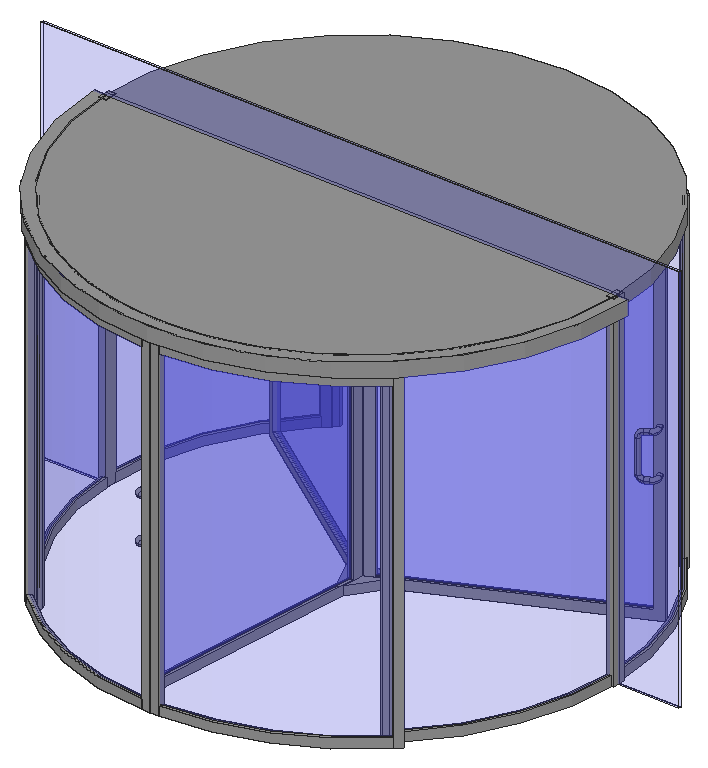
Revit family "Talos RDR-E01", category Türen, Revit 2016 (continued)
Definition of nested family "radar"
  Forms (mm)
    Blend 1, solid
      base sketch origin (0, 0, 0) x (1, 0, 0) y (0, 1, 0)
        loop
          spline (-60.45, 0) -> (-59.155, -6.959) -> (-55.927, -13.157) -> (-51.487, -18.421) -> (-46.303, -22.716) -> (-40.758, -26.39) -> (-35.188, -30.007) -> (-29.772, -33.862) -> (-24.41, -37.889) -> (-19.005, -41.952) -> (-13.271, -45.784) -> (-6.991, -48.733) -> (0, -49.951)
          spline (0, -49.951) -> (6.991, -48.733) -> (13.271, -45.784) -> (19.005, -41.952) -> (24.41, -37.889) -> (29.772, -33.862) -> (35.188, -30.007) -> (40.758, -26.39) -> (46.303, -22.716) -> (51.487, -18.421) -> (55.927, -13.157) -> (59.155, -6.959) -> (60.45, 0)
          line (60.45, 0) -> (-60.45, 0)
      top sketch origin (0, 0, 0) x (1, 0, 0) y (0, 1, 0)
        loop
          spline (-27.676, 0) -> (-27.152, -3.756) -> (-25.798, -7.293) -> (-23.885, -10.569) -> (-21.62, -13.603) -> (-19.165, -16.479) -> (-16.675, -19.338) -> (-14.286, -22.26) -> (-11.915, -25.206) -> (-9.472, -28.08) -> (-6.777, -30.784) -> (-3.67, -32.898) -> (0, -33.799)
          spline (0, -33.799) -> (3.67, -32.898) -> (6.777, -30.784) -> (9.472, -28.08) -> (11.915, -25.206) -> (14.286, -22.26) -> (16.675, -19.338) -> (19.165, -16.479) -> (21.62, -13.603) -> (23.885, -10.569) -> (25.798, -7.293) -> (27.152, -3.756) -> (27.676, 0)
          line (27.676, 0) -> (-27.676, 0)
      from 54 to 0
    Blend 2, solid
      base sketch origin (0, 0, 0) x (1, 0, 0) y (0, 1, 0)
        loop
          spline (-27.676, 0) -> (-27.152, -3.756) -> (-25.798, -7.293) -> (-23.885, -10.569) -> (-21.62, -13.603) -> (-19.165, -16.479) -> (-16.675, -19.338) -> (-14.286, -22.26) -> (-11.915, -25.206) -> (-9.472, -28.08) -> (-6.777, -30.784) -> (-3.67, -32.898) -> (0, -33.799)
          spline (0, -33.799) -> (3.67, -32.898) -> (6.777, -30.784) -> (9.472, -28.08) -> (11.915, -25.206) -> (14.286, -22.26) -> (16.675, -19.338) -> (19.165, -16.479) -> (21.62, -13.603) -> (23.885, -10.569) -> (25.798, -7.293) -> (27.152, -3.756) -> (27.676, 0)
          line (27.676, 0) -> (-27.676, 0)
      top sketch origin (0, 0, 0) x (1, 0, 0) y (0, 1, 0)
        loop
          spline (-37.831, 0) -> (-37.089, -4.675) -> (-35.189, -9.009) -> (-32.514, -12.919) -> (-29.342, -16.427) -> (-25.9, -19.663) -> (-22.409, -22.86) -> (-19.032, -26.156) -> (-15.693, -29.501) -> (-12.313, -32.792) -> (-8.682, -35.875) -> (-4.626, -38.254) -> (0, -39.247)
          spline (0, -39.247) -> (4.626, -38.254) -> (8.682, -35.875) -> (12.313, -32.792) -> (15.693, -29.501) -> (19.032, -26.156) -> (22.409, -22.86) -> (25.9, -19.663) -> (29.342, -16.427) -> (32.514, -12.919) -> (35.189, -9.009) -> (37.089, -4.675) -> (37.831, 0)
          line (37.831, 0) -> (-37.831, 0)
      from 80 to 54
  Dimensions and locks
    aligned and locked: level to plane 2
Types (10, lengths in mm): name | Width | StandardUsed | ShutOffDeviceInside | ShutOffDevice | RotationInterval 180 | RotationInterval 120 | Radar | OuterDiameter | NominalWidthOrDiameter | MotorDriveType | Konstruktionstyp | Hersteller | Height | HasLockInside | HasLock | HasIntegralShutOffDevice | HasGrabHandles 180 | HasGrabHandles 120 | HasBuiltInAlarm | HandleMaterial | DoorWidth | DiameterNightLockGlassOutside | DiameterNightLockGlassInside | DiameterNightLockCover | DiameterNightLock | DiameterGlassInside | DiameterGlassOutside | DiameterCoverFront | Diameter | CoverWidth | ClearHeight | BaseType | AccessWidth | AccessLengthOrRadius
  RDR-E01 2000 | 2100.00 | "1" | no | no | yes | no | 1060.00 | "2100 mm" | 2100.00 | "-" | "Rovolving Door" | "Kaba GmbH" | 2300.00 | no | no | no | yes | no | no | PA6.6 Gf30(schwarz) | 970.00 | 1109.00 | 1101.00 | 1120.00 | 1090.00 | 1040.00 | 1050.00 | 1140.00 | 1060.00 | 200.00 | 2100.00 | ">= 60mm" | 2000.00 | 1030.00
  RDR-E01 2200 | 2300.00 | "2" | no | no | no | yes | 1160.00 | "2300 mm" | 2300.00 | "K8-SA1/G4-SA3" | "Revolving Door" | "Kaba GmbH" | 2500.00 | no | no | no | no | yes | yes | 1.4401 - A4 | 1070.00 | 1209.00 | 1201.00 | 1220.00 | 1190.00 | 1140.00 | 1150.00 | 1240.00 | 1160.00 | 200.00 | 2300.00 | ">= 280 mm" | 2200.00 | 1130.00
  RDR-E01 2400 | 2500.00 | "3" | no | no | yes | no | 1260.00 | "2500" | 2500.00 | "K8-SA2" | "Revolving Door" | "Kaba GmbH" | 2500.00 | no | no | no | yes | no | no | PA6.6 Gf30(schwarz) | 1170.00 | 1309.00 | 1301.00 | 1320.00 | 1290.00 | 1240.00 | 1250.00 | 1340.00 | 1260.00 | 200.00 | 2300.00 | ">= 280 mm" | 2400.00 | 1230.00
  RDR-E01 2600 | 2700.00 | "4" | no | no | no | yes | 1360.00 | "2700" | 2700.00 | "K8-SA1/G4-SA3" | "Revolving Door" | "Kaba GmbH" | 2400.00 | no | yes | no | no | yes | no | 1.4401 - A4 | 1270.00 | 1409.00 | 1401.00 | 1420.00 | 1390.00 | 1340.00 | 1350.00 | 1440.00 | 1360.00 | 100.00 | 2300.00 | ">= 280 mm" | 2600.00 | 1330.00
  RDR-E01 2800 | 2900.00 | "5" | yes | no | yes | no | 1460.00 | "2900" | 2900.00 | "K8-SA1/G4-SA3" | "Revolving Door" | "Kaba GmbH" | 2400.00 | no | yes | yes | yes | no | no | PA6.6 Gf30(schwarz) | 1370.00 | 1509.00 | 1501.00 | 1520.00 | 1490.00 | 1440.00 | 1450.00 | 1540.00 | 1460.00 | 300.00 | 2100.00 | ">= 280 mm" | 2800.00 | 1430.00
  RDR-E01 3000 | 3100.00 | "6" | yes | no | no | yes | 1560.00 | "3100" | 3100.00 | "K8-SA1" | "Revolving Door" | "Kaba GmbH" | 2600.00 | no | yes | yes | no | yes | no | 1.4401 - A4 | 1470.00 | 1609.00 | 1601.00 | 1620.00 | 1590.00 | 1540.00 | 1550.00 | 1640.00 | 1560.00 | 300.00 | 2300.00 | ">= 280 mm" | 3000.00 | 1530.00
  RDR-E01 3200 | 3300.00 | "7" | no | yes | yes | no | 1740.00 | "3300" | 3300.00 | "-" | "Revolving Door" | "Kaba GmbH" | 2600.00 | yes | no | yes | yes | no | no | PA6.6 Gf30(schwarz) | 1570.00 | 1709.00 | 1701.00 | 1720.00 | 1690.00 | 1640.00 | 1650.00 | 1740.00 | 1660.00 | 300.00 | 2300.00 | ">= 60 mm" | 3200.00 | 1630.00
  RDR-E01 3400 | 3500.00 | "8" | no | no | no | yes | 1840.00 | "3500" | 3500.00 | "-" | "Revolving Door" | "Kaba GmbH" | 2400.00 | yes | no | no | no | yes | no | 1.4401 - A4 | 1670.00 | 1809.00 | 1801.00 | 1820.00 | 1790.00 | 1740.00 | 1750.00 | 1840.00 | 1760.00 | 100.00 | 2300.00 | ">= 60 mm" | 3400.00 | 1730.00
  RDR-E01 3600 | 3700.00 | "9" | no | no | yes | no | 1860.00 | "3700" | 3700.00 | "K8-SA1/G4-SA3" | "Revolving Door" | "Kaba GmbH" | 2300.00 | no | no | no | yes | no | no | PA6.6 Gf30(schwarz) | 1770.00 | 1909.00 | 1901.00 | 1920.00 | 1890.00 | 1840.00 | 1850.00 | 1940.00 | 1860.00 | 100.00 | 2200.00 | ">= 280 mm" | 3600.00 | 1830.00
  RDR-E01 3700 | 3800.00 | "10" | no | no | yes | no | 1910.00 | "3800" | 3800.00 | "K8-SA1/G4-SA3" | "Revolving Door" | "kaba GmbH" | 2600.00 | no | no | no | yes | no | yes | 1.4401 - A4 | 1820.00 | 1959.00 | 1951.00 | 1970.00 | 1940.00 | 1890.00 | 1900.00 | 1990.00 | 1910.00 | 300.00 | 2300.00 | ">= 280 mm" | 3700.00 | 1880.00
